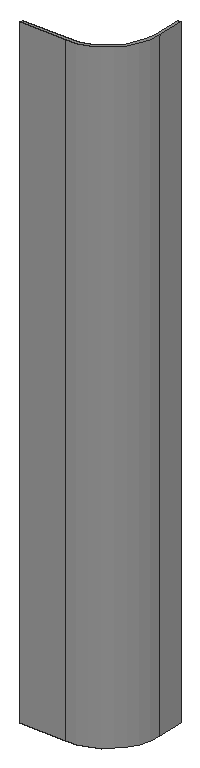
Revit family "Curved Walls Light Cove", category Generic Models, Revit 2016
Family settings
  Part Type = Normal
  Can host rebar = No
  Round Connector Dimension = Use Diameter
  Work Plane-Based = Yes
  Always vertical = No
  Cut with Voids When Loaded = No
  Shared = No
  Room Calculation Point = No
Parameters (values of type "1/4" Thk. x Custom R x 15" W x 12" H")
  URL = "www.curvedwalls.ca"
  Straight Transition Length B = 0' - 4"
  Straight Transition Length A = 0' - 7"
  Manufacturer = "Curved Walls Inc"
  Length (8' & 10' Standard) [instance] = 8' - 0"
  GWB Thickness (1/2") = 0' - 0 1/2"
  Description = "Prefabricated Drywall Profiles"
  Default Elevation = 0' - 0"
  Overall Dimension B = Straight Transition Length B + [Cove Radius (6" & 12" Standard)]  # 1' - 0"
  Cove Radius (6" & 12" Standard) = 0' - 8"
  Overall Dimension A = Straight Transition Length A + [Cove Radius (6" & 12" Standard)]  # 1' - 3"
  Blocking Visible [instance] = yes
Types (2): name | Straight Transition Length A | Overall Dimension B | Cove Radius (6" & 12" Standard) | Overall Dimension A
  1/4" Thk. x Custom R x 15" W x 12" H | 0' - 7" | 1' - 0" | 0' - 8" | 1' - 3"
  1/2" Thk. x 12" R x 16" W x 16" H | 0' - 4" | 1' - 4" | 1' - 0" | 1' - 4"
Reference planes (in)
  plane 1 "Center (Front/Back)": y = 0
  plane 2: z = 0
  plane 3 "Center (Left/Right)": x = 0
  plane 4: z = 96
  plane 5: x = 15
  plane 6: y = -12
Forms (in)
  Extrusion 1, solid, material "Gypsum Wall Board - Curved Walls"
    sketch origin (0, 0, 0) x (1, 0, 0) y (0, 1, 0)
      loop
        line (0, -11.5) -> (0, -12) -> (7, -12)
        arc (7, -12) -> (12.65685, -9.65685) -> (15, -4) r 8
        line (15, -4) -> (15, 0) -> (14.5, 0) -> (14.5, -4)
        arc (14.5, -4) -> (12.3033, -9.3033) -> (7, -11.5) r 7.5
        line (7, -11.5) -> (0, -11.5)
    from 0 to 96
Dimensions and locks (in)
  "Length (8' & 10' Standard)": plane 4 to plane 2
  "Overall Dimension A": plane 3 "Center (Left/Right)" to plane 5
  "Overall Dimension B": plane 1 "Center (Front/Back)" to plane 6
  "GWB Thickness (1/2")": Extrusion 1 sketch curve to plane 6
  "GWB Thickness (1/2")": Extrusion 1 sketch curve to plane 5
  aligned and locked: plane 2 to level
  aligned and locked: nested 1 to plane 3 "Center (Left/Right)"
  aligned and locked: plane 6 to nested 1
  aligned and locked: Extrusion 1 sketch curve to plane 3 "Center (Left/Right)"
  aligned and locked: Extrusion 1 sketch curve to plane 6
  aligned and locked: Extrusion 1 sketch curve to nested 1  (x3)
  aligned and locked: nested 1 to Extrusion 1 sketch curve
  aligned and locked: Extrusion 1 to plane 4
  aligned and locked: Extrusion 1 to level
Automatic sketch dimensions
  Extrusion 1 sketch curve to Extrusion 1 sketch curve = 0' - 0"
Nested families (in)
  nested 1: "Light Cove Detail Component" at (0, -12, 0) x (-1, 0, 0) z (0, 0, 1), Blocking <- "Blocking Visible", type "1/2" Thick Drywall"
    with Blocking yes
Definition of nested family "Light Cove Detail Component"
  Parameters (values of type "1/2" Thick Drywall")
    Straight Transition - Vertical = B > 0' 0"  # yes
    Straight Transition - Horizontal = A > 0' 0"  # yes
    Radius = 0' - 6"
    Inner Radius = Radius - Drywall Thickness  # 0' - 5 1/2"
    Drywall Thickness = 0' - 0 1/2"
    D = B + Radius  # 0' - 10"
    C = A + Radius  # 0' - 10"
    Blocking [instance] = yes
    B = 0' - 4"
    A = 0' - 4"
  Reference planes (in)
    plane 1 "Center (Front/Back)": y = 0
    plane 2: z = 0
    plane 3 "Center (Left/Right)": x = 0
    plane 4: y = -10
    plane 5: x = -10
    plane 6: x = -4
    plane 7: y = -6
    plane 8: y = -0.5
  Lines and regions (in)
    Filled region 1, type "Gypsum", in view "Ref. Level"
      outline origin (0, 0, 0) x (1, 0, 0) y (0, 1, 0)
        loop
          arc (-9.5, -6) -> (-7.88909, -2.11091) -> (-4, -0.5) r 5.5
          line (-4, -0.5) -> (-4, 0)
          arc (-4, 0) -> (-8.24264, -1.75736) -> (-10, -6) r 6
          line (-10, -6) -> (-9.5, -6)
    Filled region 2, type "Gypsum", in view "Ref. Level", visible <- "Straight Transition - Vertical"
      outline origin (0, 0, 0) x (1, 0, 0) y (0, 1, 0)
        loop
          line (-10, -5.96875) -> (-10, -10) -> (-9.5, -10) -> (-9.5, -5.96875) -> (-10, -5.96875)
    Filled region 3, type "Gypsum", in view "Ref. Level", visible <- "Straight Transition - Horizontal"
      outline origin (0, 0, 0) x (1, 0, 0) y (0, 1, 0)
        loop
          line (-4.03125, 0) -> (-4.03125, -0.5) -> (0, -0.5) -> (0, 0) -> (-4.03125, 0)
    detail lines, in view "Ref. Level"
      curve 1: line (-10, -10, 0) -> (-9.5, -10, 0)
      curve 2: line (0, 0, 0) -> (0, -0.75, 0)
  Dimensions and locks (in)
    "A": plane 6 to plane 3 "Center (Left/Right)"
    "B": plane 7 to plane 4
    "D": plane 1 "Center (Front/Back)" to plane 4
    "C": plane 5 to plane 3 "Center (Left/Right)"
    locked: Filled region 2 sketch curve to plane 7 at 0.03125
    locked: Filled region 3 sketch curve to plane 6 at 0.03125
    "Drywall Thickness": plane 8 to plane 1 "Center (Front/Back)"
    "Drywall Thickness": plane 5 to curve 1
    "Drywall Thickness": Filled region 2 sketch curve to Filled region 2 sketch curve
    "Radius": radius of Filled region 1 sketch curve
    "Inner Radius": radius of Filled region 1 sketch curve
    aligned and locked: Filled region 2 sketch curve to plane 5
    aligned and locked: Filled region 2 sketch curve to plane 4
    aligned and locked: Filled region 3 sketch curve to plane 3 "Center (Left/Right)"
    aligned and locked: Filled region 3 sketch curve to plane 1 "Center (Front/Back)"
    aligned and locked: plane 6 to Filled region 1 sketch curve  (x2)
    aligned and locked: plane 7 to Filled region 1 sketch curve
    aligned and locked: Filled region 1 sketch curve to plane 6
    aligned and locked: Filled region 1 sketch curve to plane 7
    aligned and locked: curve 1 to plane 4
    aligned and locked: curve 2 to plane 3 "Center (Left/Right)"
    aligned and locked: plane 5 to curve 1
    aligned and locked: plane 1 "Center (Front/Back)" to curve 2
    aligned and locked: nested 1 to plane 3 "Center (Left/Right)"
    aligned and locked: plane 8 to nested 1
    aligned and locked: Filled region 3 sketch curve to plane 8
    aligned and locked: Filled region 3 to plane 8
    aligned and locked: Filled region 3 to plane 1 "Center (Front/Back)"
  Automatic sketch dimensions
    curve 2 to plane 8 = 0' - 0 1/4"
  Nested families (in)
    nested 1: "M_Nominal Cut Lumber-Section" at (-1.5, -2, 0), visible <- "Blocking", type "1.5" x 3.5"", in view "Ref. Level"
  Definition of nested family "M_Nominal Cut Lumber-Section"
    Parameters (values of type "1.5" x 1.5"")
      Width = 0' - 1 1/2"
      Depth = 0' - 1 1/2"
    Reference planes (in)
      plane 1 "Center (Front/Back)": y = 0
      plane 2: z = 0
      plane 3 "Center (Left/Right)": x = 0
      plane 4: y = 1.5
      plane 5: x = 1.5
      plane 6: x = 0.75
    Lines and regions (in)
      Masking region 1, in view "Ground floor"
        outline origin (0, 0, 0) x (1, 0, 0) y (0, 1, 0)
          loop
            line (0, 1.5) -> (0, 0) -> (1.5, 0) -> (1.5, 1.5) -> (0, 1.5)
      detail lines, in view "Ground floor"
        curve 1: line (1.5, 1.5, 0) -> (0, 0, 0)
        curve 2: line (1.5, 0, 0) -> (0, 1.5, 0)
    Dimensions and locks (in)
      "Width": plane 3 "Center (Left/Right)" to plane 5
      "Depth": plane 4 to plane 1 "Center (Front/Back)"
      equal spacing: plane 3 "Center (Left/Right)", plane 6, plane 5
      aligned and locked: Masking region 1 sketch curve to plane 1 "Center (Front/Back)"
      aligned and locked: plane 5 to Masking region 1 sketch curve
      aligned and locked: Masking region 1 sketch curve to plane 4
      aligned and locked: plane 3 "Center (Left/Right)" to Masking region 1 sketch curve
      aligned and locked: Masking region 1 to curve 1  (x2)
      aligned and locked: curve 2 to Masking region 1  (x2)
    Automatic sketch dimensions
      curve 2 to plane 1 "Center (Front/Back)" = 0' - 0"
      curve 1 to plane 1 "Center (Front/Back)" = 0' - 0"
      curve 2 to plane 4 = 0' - 0"
      curve 1 to plane 4 = 0' - 0"
